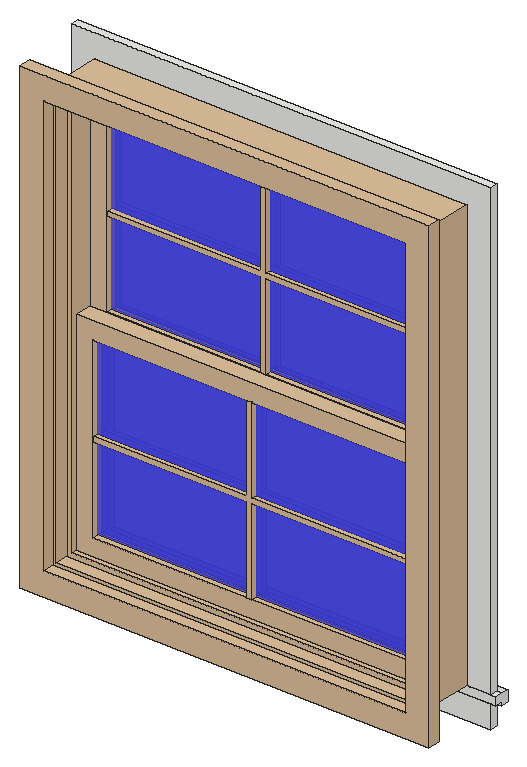
Revit family "M_Janela-única-suspensa", category Janelas, Revit 2019
Family settings
  Hospedeiro = Parede
  Número OmniClass = 23.30.20.17.17.14
  Título OmniClass = Double-Hung Windows
  Sempre na vertical = Sim
  Corte com vazios quando carregada = Não
  Compartilhado = Não
  Ponto de cálculo do ambiente = Não
Parameters (values of type "950 x 1100mm")
  Espessura da parede [instance] = 150 mm
  Janela aplicada [instance] = 0 mm
  Visual Light Transmittance = 0.81
  Visibilidade do montante superior = yes
  Resistência térmica (R) = 0.319569 (m²·K)/W
  Solar Heat Gain Coefficient = 0.76
  Largura do montante = Largura - 152.4 mm  # 797.6 mm
  Padrão do montante = M_Padrão do montante_2x2 : M_Padrão do montante_2x2
  Altura do montante = 0.5 * (Altura - 152.4 mm - 44.45 mm)  # 451.575 mm
  Fechamento da parede interior [instance] = 35.7 mm
  Material da apara interior = Madeira – Manchada
  Recorte interior = M_Moldura-janela-interior-plana : Quadro
  Largura bruta = Largura + 15 mm  # 965 mm
  Altura bruta = Altura + 15 mm  # 1115 mm
  Visibilidade do indicador [instance] = yes
  Extensão do quadro [instance] = if(Visibilidade da apara externa, Janela aplicada + 31.75 mm, 31.75 mm)  # 31.75 mm
  Classificação de incêndio = "0.5h"
  Fechamento da parede externa [instance] = 12.7 mm
  Material da apara externa = Revestimento – Branco
  Visibilidade do umbral da extensão [instance] = and(Visibilidade do recorte interior, Espessura da parede - Janela aplicada > 114.3 mm)  # yes
  Visibilidade do recorte interior [instance] = yes
  Visibilidade da apara externa [instance] = yes
  Apara externa = M_Recorte-Janela-Exterior-Plana : com peitoril
  Umbral da extensão [instance] = if(Espessura da parede - Janela aplicada > 114.3 mm, Espessura da parede - Janela aplicada - 114.3 mm, 25.4 mm)  # 35.7 mm
  ID do tipo de construção = "DG-DR"
  Coeficiente de transferência de calor (U) = 3.12929 W/(m²·K)
  Visibilidade do montante inferior = yes
  Código de montagem = "B2020100"
  Material do painel de vidro = Vidro
  Altura = 1100 mm
  Material da moldura exterior = Revestimento – Branco
  Material da moldura interior = Madeira – Manchada
  Fechamento da parede = Por hospedeiro
  Largura = 950 mm
  Construção analítica = "Vidraça dupla – residencial"
Reference planes
  plane 1 "Centro (Frente/Trás)": y = 0
  plane 2: z = 0
  plane 3 "Centro": x = 0
  plane 4 "Esquerda": x = -475
  plane 5 "Direita": x = 475
  plane 6 "Peitoril": z = 914.4
  plane 7 "Superior": z = 2014.4
  plane 8 "Face da parede": y = 75
  plane 9: y = -75
  plane 10 "Meio": z = 1464.4
  plane 11: z = 1982.65
  plane 12: z = 946.15
  plane 13: x = 443.25
  plane 14: x = -443.25
  plane 15: x = 398.8
  plane 16: x = -398.8
  plane 17: z = 990.6
  plane 18: z = 1938.2
  plane 19 "Fechamento da parede": y = -39.3
  plane 20: z = 1998.525
  plane 21 "Face do quadro": y = 94.05
  plane 22 "Caixilho 2": y = -26.6
  plane 23 "Face do caixilho 1": y = 62.3
  plane 24 "Inset Face": y = 75
  plane 25 "Caixilho 1": y = 17.85
  plane 26 "Vidro 1": y = 40.075
  plane 27: z = 1486.625
  plane 28: z = 1442.175
  plane 29 "Vidro 2": y = -4.375
  plane 30: y = -39.3
  plane 31: z = 1216.387
  plane 32: z = 1712.412
  plane 33: y = -39.3
  plane 34: y = 62.3
  plane 35: y = 94.05
Forms (mm)
  Extrusion 1, solid, material "Madeira – Manchada" <- "Material da moldura interior", visible <- "Visibilidade do umbral da extensão"
    sketch origin (0, -6.35, 0) x (-1, 0, 0) y (0, 0, 1)
      loop
        line (475, 2014.4) -> (-475, 2014.4) -> (-475, 914.4) -> (475, 914.4) -> (475, 2014.4)
      loop
        line (455.95, 1995.35) -> (-455.95, 1995.35) -> (-455.95, 933.45) -> (455.95, 933.45) -> (455.95, 1995.35)
    from -68.65 to -32.95
  Sweep 2, solid, material "Madeira – Manchada" <- "Material da moldura interior"
    path origin (0, 62.3, 0) x (-1, 0, 0) y (0, 0, 1)
      loop
        line (-475, 914.4) -> (475, 914.4) -> (475, 2014.4) -> (-475, 2014.4) -> (-475, 914.4)
    profile origin (475, 62.3, 1464.4) x (1, 0, 0) y (0, 1, 0)
      loop
        line (-31.75, 31.75) -> (-31.75, -101.6) -> (0, -101.6) -> (0, 31.75) -> (-31.75, 31.75)
  Sweep 3, solid, material "Madeira – Manchada" <- "Material da moldura interior"
    path origin (0, 62.3, 0) x (-1, 0, 0) y (0, 0, 1)
      loop
        line (-443.25, 1442.175) -> (443.25, 1442.175) -> (443.25, 1982.65) -> (-443.25, 1982.65) -> (-443.25, 1442.175)
    profile origin (443.25, 62.3, 1712.412) x (1, 0, 0) y (0, 1, 0)
      loop
        line (0, 0) -> (-44.45, 0) -> (-44.45, -44.45) -> (0, -44.45) -> (0, 0)
  Sweep 4, solid, material "Madeira – Manchada" <- "Material da moldura interior"
    path origin (0, 17.85, 0) x (-1, 0, 0) y (0, 0, 1)
      loop
        line (-443.25, 946.15) -> (443.25, 946.15) -> (443.25, 1486.625) -> (-443.25, 1486.625) -> (-443.25, 946.15)
    profile origin (443.25, 17.85, 1216.387) x (1, 0, 0) y (0, 1, 0)
      loop
        line (0, 0) -> (-44.45, 0) -> (-44.45, -44.45) -> (0, -44.45) -> (0, 0)
  Extrusion 5, solid, material "Vidro" <- "Material do painel de vidro"
    sketch origin (0, 0, 914.4) x (0, -1, 0) y (1, 0, 0)
      loop
        line (-49.6, -398.8) -> (-43.25, -398.8) -> (-43.25, 398.8) -> (-49.6, 398.8) -> (-49.6, -398.8)
      loop
        line (-36.9, 398.8) -> (-36.9, -398.8) -> (-30.55, -398.8) -> (-30.55, 398.8) -> (-36.9, 398.8)
    from 572.225 to 1023.8
  Extrusion 6, solid, material "Vidro" <- "Material do painel de vidro"
    sketch origin (0, 0, 0) x (1, 0, 0) y (0, 1, 0)
      loop
        line (-398.8, 5.15) -> (-398.8, -1.2) -> (398.8, -1.2) -> (398.8, 5.15) -> (-398.8, 5.15)
      loop
        line (398.8, -7.55) -> (-398.8, -7.55) -> (-398.8, -13.9) -> (398.8, -13.9) -> (398.8, -7.55)
    from 990.6 to 1442.175
Lines and regions (mm)
  Opening 1
    outline origin (-1524, -75, 0) x (1, 0, 0) y (0, 0, 1)
      loop
        line (1999, 2014.4) -> (1049, 2014.4) -> (1049, 914.4) -> (1999, 914.4) -> (1999, 2014.4)
  Split face 1
    outline origin (-398.8, -26.6, 990.6) x (1, 0, 0) y (0, 1, 0)
      loop
        line (0, 25.4) -> (797.6, 25.4)
  Split face 2
    outline origin (398.8, -26.6, 990.6) x (0, 0, 1) y (0, 1, 0)
      loop
        line (0, 25.4) -> (451.575, 25.4)
  Split face 3
    outline origin (-398.8, -26.6, 1442.175) x (0, 0, -1) y (0, 1, 0)
      loop
        line (451.575, 25.4) -> (0, 25.4)
  Split face 4
    outline origin (398.8, -26.6, 1442.175) x (0, 1, 0) y (-1, 0, 0)
      loop
        line (25.4, 0) -> (25.4, 797.6)
  Split face 5
    outline origin (-398.8, 17.85, 1486.625) x (1, 0, 0) y (0, 1, 0)
      loop
        line (797.6, 19.05) -> (0, 19.05)
  Split face 6
    outline origin (-398.8, 17.85, 1486.625) x (1, 0, 0) y (0, 1, 0)
      loop
        line (797.6, 25.4) -> (0, 25.4)
  Split face 7
    outline origin (398.8, 17.85, 1486.625) x (0, 0, 1) y (0, 1, 0)
      loop
        line (0, 25.4) -> (451.575, 25.4)
  Split face 8
    outline origin (-398.8, 17.85, 1938.2) x (0, 0, -1) y (0, 1, 0)
      loop
        line (451.575, 25.4) -> (0, 25.4)
  Split face 9
    outline origin (398.8, 17.85, 1938.2) x (0, 1, 0) y (-1, 0, 0)
      loop
        line (25.4, 0) -> (25.4, 797.6)
  Split face 10
    outline origin (-443.25, -39.3, 946.15) x (1, 0, 0) y (0, 1, 0)
      loop
        line (0, 57.15) -> (886.5, 57.15)
  Split face 11
    outline origin (443.25, -39.3, 946.15) x (0, 0, 1) y (0, 1, 0)
      loop
        line (1036.5, 101.6) -> (496.025, 101.6) -> (496.025, 57.15) -> (0, 57.15)
  Split face 12
    outline origin (-443.25, -39.3, 1982.65) x (0, 0, -1) y (0, 1, 0)
      loop
        line (0, 101.6) -> (540.475, 101.6) -> (540.475, 57.15) -> (1036.5, 57.15)
  Split face 13
    outline origin (443.25, -39.3, 1982.65) x (0, 1, 0) y (-1, 0, 0)
      loop
        line (101.6, 0) -> (101.6, 886.5)
Text (mm)
  text "EXTERIOR" at (-1490.695, 772.553, 0), in view "Nível de referência"
  text "INTERIOR" at (-1490.695, -719.509, 0), in view "Nível de referência"
  text "Exterior" at (0, 1108.87, 3415.022), in view "Esquerda"
  text "Exterior" at (0, 464.664, 3176.206), in view "Direita"
Dimensions and locks
  equal spacing: plane 4 "Esquerda", plane 3 "Centro", plane 5 "Direita"
  "Largura": plane 4 "Esquerda" to plane 5 "Direita"
  equal spacing: plane 6 "Peitoril", plane 10 "Meio", plane 7 "Superior"
  "Altura": plane 7 "Superior" to plane 6 "Peitoril"
  locked: plane 5 "Direita" to plane 13 at 31.75
  locked: plane 14 to plane 4 "Esquerda" at 31.75
  locked: plane 11 to plane 7 "Superior" at 31.75
  locked: plane 6 "Peitoril" to plane 12 at 31.75
  locked: plane 15 to plane 13 at 44.45
  locked: plane 14 to plane 16 at 44.45
  locked: plane 18 to plane 11 at 44.45
  locked: plane 12 to plane 17 at 44.45
  "Espessura da parede": host wall to host wall
  locked: plane 7 "Superior" to plane 20 at 15.875
  locked: plane 21 "Face do quadro" to plane 8 "Face da parede" at 19.05
  locked: plane 24 "Inset Face" to plane 23 "Face do caixilho 1" at 12.7
  "Janela aplicada": plane 8 "Face da parede" to plane 24 "Inset Face"
  locked: plane 23 "Face do caixilho 1" to plane 25 "Caixilho 1" at 44.45
  locked: plane 25 "Caixilho 1" to plane 22 "Caixilho 2" at 44.45
  equal spacing: plane 23 "Face do caixilho 1", plane 26 "Vidro 1", plane 25 "Caixilho 1"
  equal spacing: plane 28, plane 10 "Meio", plane 27
  locked: plane 28 to plane 27 at 44.45
  locked: Extrusion 5 sketch curve to Extrusion 5 sketch curve at 6.35  (x3)
  equal spacing: Extrusion 5 sketch curve, plane 26 "Vidro 1", Extrusion 5 sketch curve
  equal spacing: plane 25 "Caixilho 1", plane 29 "Vidro 2", plane 22 "Caixilho 2"
  locked: Extrusion 6 sketch curve to Extrusion 6 sketch curve at 6.35  (x3)
  equal spacing: Extrusion 6 sketch curve, plane 29 "Vidro 2", Extrusion 6 sketch curve
  locked: plane 22 "Caixilho 2" to plane 30 at 12.7
  "Umbral da extensão": plane 19 "Fechamento da parede" to host wall
  locked: Extrusion 1 sketch curve to plane 5 "Direita" at 19.05
  locked: Extrusion 1 sketch curve to plane 7 "Superior" at 19.05
  locked: plane 4 "Esquerda" to Extrusion 1 sketch curve at 19.05
  locked: plane 6 "Peitoril" to Extrusion 1 sketch curve at 19.05
  equal spacing: plane 17, plane 31, plane 28
  equal spacing: plane 18, plane 32, plane 27
  level to host wall = 7445.703 mm
  "Fechamento da parede interior": plane 33 to plane 9
  "Fechamento da parede externa": plane 8 "Face da parede" to plane 34
  "Extensão do quadro": plane 35 to plane 23 "Face do caixilho 1"
  aligned and locked: plane 9 to host wall
  aligned and locked: host wall to plane 8 "Face da parede"
  aligned and locked: Opening 1 sketch curve to plane 4 "Esquerda"
  aligned and locked: plane 7 "Superior" to Opening 1 sketch curve
  aligned and locked: plane 5 "Direita" to Opening 1 sketch curve
  aligned and locked: Opening 1 sketch curve to plane 6 "Peitoril"
  aligned and locked: plane 7 "Superior" to Extrusion 1 sketch curve
  aligned and locked: Extrusion 1 sketch curve to plane 4 "Esquerda"
  aligned and locked: plane 5 "Direita" to Extrusion 1 sketch curve
  aligned and locked: Extrusion 1 sketch curve to plane 6 "Peitoril"
  aligned and locked: plane 19 "Fechamento da parede" to Extrusion 1
  aligned and locked: Sweep 2 sketch curve to host wall  (x3)
  aligned and locked: plane 5 "Direita" to Sweep 2 sketch curve
  aligned and locked: plane 13 to Sweep 2 sketch curve
  aligned and locked: Sweep 3 sketch curve to plane 13
  aligned and locked: plane 14 to Sweep 3 sketch curve
  aligned and locked: Sweep 3 sketch curve to plane 11
  aligned and locked: Sweep 3 sketch curve to plane 25 "Caixilho 1"
  aligned and locked: plane 28 to Sweep 3 sketch curve
  aligned and locked: Sweep 4 sketch curve to plane 27
  aligned and locked: Sweep 4 sketch curve to plane 13
  aligned and locked: plane 14 to Sweep 4 sketch curve
  aligned and locked: plane 12 to Sweep 4 sketch curve
  aligned and locked: profile plane to Sweep 4 sketch curve
  aligned and locked: Sweep 4 sketch curve to profile plane
  aligned and locked: Sweep 4 sketch curve to plane 22 "Caixilho 2"
  aligned and locked: plane 15 to Sweep 4 sketch curve
  aligned and locked: plane 18 to Extrusion 5
  aligned and locked: Extrusion 6 sketch curve to plane 16
  aligned and locked: plane 16 to Extrusion 6 sketch curve
  aligned and locked: plane 15 to Extrusion 6 sketch curve
  aligned and locked: Extrusion 6 sketch curve to plane 15
  aligned and locked: plane 17 to Extrusion 6
  aligned and locked: plane 28 to Extrusion 6
  aligned and locked: Split face 1 sketch curve to Extrusion 6
  aligned and locked: Split face 2 sketch curve to Extrusion 6
  aligned and locked: Split face 3 sketch curve to Extrusion 6
  aligned and locked: Split face 4 sketch curve to Extrusion 6
  aligned and locked: plane 15 to Sweep 3 sketch curve
  aligned and locked: Extrusion 5 to plane 27
  aligned and locked: Extrusion 5 sketch curve to plane 16
  aligned and locked: plane 16 to Extrusion 5 sketch curve
  aligned and locked: plane 15 to Extrusion 5 sketch curve
  aligned and locked: Extrusion 5 sketch curve to plane 15
  aligned and locked: Split face 6 sketch curve to Extrusion 5
  aligned and locked: Split face 7 sketch curve to Extrusion 5
  aligned and locked: Split face 8 sketch curve to Extrusion 5
  aligned and locked: Split face 9 sketch curve to Extrusion 5
  aligned and locked: Split face 10 sketch curve to plane 25 "Caixilho 1"
  aligned and locked: plane 30 to Sweep 2 sketch curve
  aligned and locked: Extrusion 1 to plane 9
  aligned and locked: nested 3 to plane 8 "Face da parede"
  aligned and locked: nested 3 to plane 4 "Esquerda"
  aligned and locked: nested 3 to plane 5 "Direita"
  aligned and locked: plane 25 "Caixilho 1" to Split face 11 sketch curve
  aligned and locked: Split face 11 sketch curve to plane 28
  aligned and locked: plane 23 "Face do caixilho 1" to Split face 11 sketch curve
  aligned and locked: Split face 12 sketch curve to plane 25 "Caixilho 1"
  aligned and locked: plane 28 to Split face 12 sketch curve
  aligned and locked: Split face 12 sketch curve to plane 23 "Face do caixilho 1"
  aligned and locked: plane 23 "Face do caixilho 1" to Split face 13 sketch curve
  aligned and locked: nested 4 to plane 3 "Centro"
  aligned and locked: plane 31 to nested 4
  aligned and locked: nested 3 to plane 7 "Superior"
  aligned and locked: plane 27 to nested 1
  aligned and locked: nested 2 to plane 17
  aligned and locked: nested 1 to plane 26 "Vidro 1"
  aligned and locked: nested 2 to plane 29 "Vidro 2"
  aligned and locked: plane 28 to nested 2
  aligned and locked: plane 18 to nested 1
  aligned and locked: nested 1 to plane 15
  aligned and locked: nested 1 to plane 16
  aligned and locked: nested 2 to plane 15
  aligned and locked: nested 2 to plane 16
  aligned and locked: plane 7 "Superior" to nested 6
  aligned and locked: plane 3 "Centro" to nested 6
  aligned and locked: plane 7 "Superior" to nested 5
  aligned and locked: nested 5 to plane 3 "Centro"
  aligned and locked: Sweep 2 sketch curve to plane 35
Automatic sketch dimensions
  Split face 1 sketch curve to Sweep 4 = 0 mm  (x2)
  Split face 2 sketch curve to Sweep 4 = 0 mm
  Sweep 4 to Split face 2 sketch curve = 0 mm
  Sweep 4 to Split face 3 sketch curve = 0 mm
  Split face 3 sketch curve to Sweep 4 = 0 mm
  Split face 4 sketch curve to Sweep 4 = 0 mm  (x2)
  Sweep 3 sketch curve to profile plane = 0 mm
  Sweep 3 sketch curve to plane 23 "Face do caixilho 1" = 0 mm
  Split face 5 sketch curve to Sweep 3 = 0 mm  (x2)
  Split face 5 sketch curve to Sweep 3 = 19.05 mm
  Split face 6 sketch curve to Sweep 3 = 0 mm  (x2)
  Split face 7 sketch curve to Sweep 3 = 0 mm
  Sweep 3 to Split face 7 sketch curve = 0 mm
  Sweep 3 to Split face 8 sketch curve = 0 mm
  Split face 8 sketch curve to Sweep 3 = 0 mm
  Split face 9 sketch curve to Sweep 3 = 0 mm  (x2)
  Split face 10 sketch curve to Sweep 2 = 0 mm  (x2)
  Split face 11 sketch curve to Sweep 2 = 0 mm
  Sweep 2 to Split face 11 sketch curve = 0 mm
  Sweep 2 to Split face 12 sketch curve = 0 mm
  Split face 12 sketch curve to Sweep 2 = 0 mm
  Split face 13 sketch curve to Sweep 2 = 0 mm  (x2)
  Sweep 2 sketch curve to plane 7 "Superior" = 0 mm
Nested families
  nested 1: "M_Padrão do montante_2x2" at (0, 40.075, 1486.625), Material externo <- "Material da moldura exterior", Material interior <- "Material da moldura interior", type <- "Padrão do montante", visible <- "Visibilidade do montante superior", type "M_Padrão do montante_2x2"
    with Largura 797.6 mm, Material interior Madeira – Manchada, Altura 451.575 mm, Material externo Revestimento – Branco
  nested 2: "M_Padrão do montante_2x2" at (0, -4.375, 990.6), Material externo <- "Material da moldura exterior", Material interior <- "Material da moldura interior", type <- "Padrão do montante", visible <- "Visibilidade do montante inferior", type "M_Padrão do montante_2x2"
    with Largura 797.6 mm, Material interior Madeira – Manchada, Altura 451.575 mm, Material externo Revestimento – Branco
  nested 3: "M_Plano-único-suspenso" at (0, 75, 914.4), Janela aplicada <- "Janela aplicada", Largura <- "Largura", Altura <- "Altura", Espessura da parede <- "Espessura da parede", type "M_Plano-único-suspenso"
    with Janela aplicada de 3D 12.7 mm, Janela aplicada 0 mm, Largura 950 mm, Espessura da parede 150 mm, Altura 1100 mm
  nested 4: "M_Seta preenchida" at (0, 17.85, 1216.387) x (0, 0, 1) z (0, 1, 0), visible <- "Visibilidade do indicador", type "M_Seta preenchida"
  nested 5: "M_Recorte-Janela-Exterior-Plana" at (0, 75, 2014.4) x (-1, 0, 0) z (0, 1, 0), visible <- "Visibilidade da apara externa", Material da apara <- "Material da apara externa", Largura da abertura <- "Largura", Altura da abertura <- "Altura", type <- "Apara externa", type "com peitoril"
    with Material da apara Revestimento – Branco, Largura da abertura 950 mm, Altura da abertura 1100 mm
  nested 6: "M_Moldura-janela-interior-plana" at (0, -75, 2014.4) x (1, 0, 0) z (0, -1, 0), Material da apara <- "Material da apara interior", visible <- "Visibilidade do recorte interior", Largura da abertura <- "Largura", Altura da abertura <- "Altura", type <- "Recorte interior", type "Quadro"
    with Material da apara Madeira – Manchada, Largura da abertura 950 mm, Altura da abertura 1100 mm
Definition of nested family "M_Padrão do montante_2x2"
  Parameters (values of type "M_Padrão do montante_2x2")
    Largura [instance] = 1200 mm
    Espessura = 12.7 mm
    Altura [instance] = 1200 mm
    Material interior [instance] = none
    Material externo [instance] = none
    Distância = 19.05 mm
  Reference planes
    plane 1 "Centro (Frente/Trás)": y = 0
    plane 2: z = 0
    plane 3 "Centro (Esquerda/Direita)": x = 0
    plane 4: z = 1200
    plane 5: x = -600
    plane 6: x = 600
    plane 7: z = 600
    plane 8: y = 9.525
    plane 9: y = 22.225
    plane 10: y = -9.525
    plane 11: y = -22.225
  Forms (mm)
    Extrusion 1, solid, material <- "Material interior", detail levels fine
      sketch origin (0, 0, 0) x (1, 0, 0) y (0, 0, 1)
        loop
          line (-600, 606.35) -> (-600, 593.65) -> (-6.35, 593.65) -> (-6.35, 0) -> (6.35, 0) -> (6.35, 593.65) -> (600, 593.65) -> (600, 606.35) -> (6.35, 606.35) -> (6.35, 1200) -> (-6.35, 1200) -> (-6.35, 606.35) -> (-600, 606.35)
      from 9.525 to 22.225
    Extrusion 2, solid, material <- "Material externo", detail levels fine
      sketch origin (0, 0, 0) x (1, 0, 0) y (0, 0, -1)
        loop
          line (-600, -606.35) -> (-6.35, -606.35) -> (-6.35, -1200) -> (6.35, -1200) -> (6.35, -606.35) -> (600, -606.35) -> (600, -593.65) -> (6.35, -593.65) -> (6.35, 0) -> (-6.35, 0) -> (-6.35, -593.65) -> (-600, -593.65) -> (-600, -606.35)
      from 9.525 to 22.225
  Lines and regions (mm)
    model lines, detail levels medium
      curve 1: line (0, 9.525, 1200) -> (0, 9.525, 0)
      curve 2: line (-600, -9.525, 600) -> (600, -9.525, 600)
      curve 3: line (-600, 9.525, 600) -> (600, 9.525, 600)
      curve 4: line (0, -9.525, 1200) -> (0, -9.525, 0)
  Dimensions and locks
    equal spacing: plane 6, plane 3 "Centro (Esquerda/Direita)", plane 5
    "Largura": plane 6 to plane 5
    "Altura": plane 4 to plane 2
    equal spacing: plane 4, plane 7, plane 2
    locked: plane 3 "Centro (Esquerda/Direita)" to Extrusion 1 sketch curve at 6.35  (x4)
    locked: Extrusion 1 sketch curve to plane 7 at 6.35  (x2)
    locked: plane 7 to Extrusion 1 sketch curve at 6.35  (x2)
    "Espessura": plane 9 to plane 8
    "Espessura": plane 10 to plane 11
    "Distância": plane 8 to plane 10
    equal spacing: plane 8, plane 1 "Centro (Frente/Trás)", plane 10
    aligned and locked: plane 2 to level
    aligned and locked: plane 4 to curve 1
    aligned and locked: plane 5 to curve 2
    aligned and locked: plane 2 to curve 1
    aligned and locked: plane 6 to curve 2
    aligned and locked: Extrusion 1 sketch curve to plane 4
    aligned and locked: Extrusion 1 sketch curve to plane 6
    aligned and locked: Extrusion 1 sketch curve to plane 5
    aligned and locked: Extrusion 1 sketch curve to level
    aligned and locked: Extrusion 1 to plane 11
    aligned and locked: plane 10 to Extrusion 1
    aligned and locked: Extrusion 2 to plane 5
    aligned and locked: plane 6 to Extrusion 2
    aligned and locked: Extrusion 2 to plane 8
    aligned and locked: plane 9 to Extrusion 2
    aligned and locked: Extrusion 2 to plane 2
    aligned and locked: plane 4 to Extrusion 2
    aligned and locked: plane 5 to curve 3
    aligned and locked: plane 6 to curve 3
    aligned and locked: plane 4 to curve 4
    aligned and locked: plane 2 to curve 4
    aligned and locked: plane 8 to curve 3
  Automatic sketch dimensions
    curve 2 to plane 7 = 0 mm
    Extrusion 2 sketch curve to plane 5 = 0 mm
    Extrusion 2 sketch curve to level = 0 mm
    Extrusion 2 sketch curve to plane 4 = 0 mm
    Extrusion 2 sketch curve to plane 6 = 0 mm
    Extrusion 2 sketch curve to plane 3 "Centro (Esquerda/Direita)" = 6.35 mm  (x2)
    plane 3 "Centro (Esquerda/Direita)" to Extrusion 2 sketch curve = 6.35 mm  (x2)
    plane 7 to Extrusion 2 sketch curve = 6.35 mm  (x2)
    Extrusion 2 sketch curve to plane 7 = 6.35 mm  (x2)
    curve 4 to plane 3 "Centro (Esquerda/Direita)" = 0 mm
    curve 4 to level = 0 mm
    curve 4 to plane 4 = 0 mm
    curve 3 to plane 6 = 0 mm
    curve 1 to plane 3 "Centro (Esquerda/Direita)" = 0 mm
    curve 3 to plane 5 = 0 mm
    curve 3 to plane 7 = 0 mm
Definition of nested family "M_Recorte-Janela-Exterior-Plana"
  Parameters (values of type "com peitoril")
    Largura da apara = 60 mm
    Espessura da apara_Quadro = 30 mm
    Espessura da apara_com peitoril = 19.05 mm
    Material da apara [instance] = none
    Espessura do peitoril = 30 mm
    Peitoril = yes
    Quadro = no
    Largura da abertura [instance] = 600 mm
    Altura da abertura [instance] = 900 mm
    Default Elevation = 1200 mm
  Types (2, lengths in mm): name | Peitoril | Quadro
    com peitoril | yes | no
    Quadro | no | yes
  Reference planes
    plane 1 "Centro (Frente/Trás)": y = 0
    plane 2: z = 0
    plane 3 "Centro (Esquerda/Direita)": x = 0
    plane 4: y = 60
    plane 5 "Esquerda": x = -300
    plane 6 "Direita": x = 300
    plane 7 "Inferior": y = -900
    plane 8: y = -930
    plane 9: y = -980.432
    plane 10: x = 360
    plane 11: x = -360
    plane 12: z = 19.05
    plane 13: z = 30
    plane 14: x = 372.7
    plane 15: x = -372.7
    plane 16: y = -920.432
    plane 17: y = -960
    plane 18: z = 12.7
    plane 19: y = -450
    plane 20: z = 38.1
  Forms (mm)
    Extrusion 1, solid
      sketch origin (0, 0, 0) x (1, 0, 0) y (0, 1, 0)
        loop
          line (-361.95, 57.15) -> (-361.95, -993.732) -> (361.95, -993.732) -> (361.95, 57.15) -> (-361.95, 57.15)
      from 0 to -304.8
    Extrusion 2, solid, material <- "Material da apara", visible <- "Peitoril"
      sketch origin (0, 0, 0) x (1, 0, 0) y (0, 1, 0)
        loop
          line (-360, -900) -> (-300, -900) -> (-300, 0) -> (300, 0) -> (300, -900) -> (360, -900) -> (360, 60) -> (-360, 60) -> (-360, -900)
      from 0 to 19.05
    Extrusion 3, solid, material <- "Material da apara", visible <- "Peitoril"
      sketch origin (0, 0, 0) x (0, 1, 0) y (0, 0, 1)
        loop
          line (-902.458, 38.1) -> (-930, 38.1) -> (-930, 19.05) -> (-920.432, 19.05) -> (-920.432, 0) -> (-900, 0) -> (-900, 19.05) -> (-902.458, 38.1)
      from -372.7 to 372.7
    Extrusion 4, solid, material <- "Material da apara", visible <- "Peitoril"
      sketch origin (0, 0, 0) x (1, 0, 0) y (0, 1, 0)
        loop
          line (-360, -920.432) -> (-360, -980.432) -> (360, -980.432) -> (360, -920.432) -> (-360, -920.432)
      from 0 to 19.05
    Extrusion 5, solid, material <- "Material da apara", visible <- "Quadro"
      sketch origin (0, 0, 0) x (1, 0, 0) y (0, 1, 0)
        loop
          line (-300, 0) -> (-300, -900) -> (300, -900) -> (300, 0) -> (-300, 0)
        loop
          line (-360, 60) -> (-360, -960) -> (360, -960) -> (360, 60) -> (-360, 60)
      from 0 to 30
  Dimensions and locks
    equal spacing: plane 5 "Esquerda", plane 3 "Centro (Esquerda/Direita)", plane 6 "Direita"
    "Largura da abertura": plane 5 "Esquerda" to plane 6 "Direita"
    "Altura da abertura": plane 7 "Inferior" to plane 1 "Centro (Frente/Trás)"
    "Espessura do peitoril": plane 7 "Inferior" to plane 8
    "Largura da apara": plane 11 to plane 5 "Esquerda"
    "Largura da apara": plane 6 "Direita" to plane 10
    "Largura da apara": plane 1 "Centro (Frente/Trás)" to plane 4
    locked: plane 15 to plane 11 at 12.7
    locked: plane 10 to plane 14 at 12.7
    locked: plane 16 to plane 8 at 9.568
    "Largura da apara": plane 9 to plane 16
    "Largura da apara": plane 17 to plane 7 "Inferior"
    locked: plane 18 to plane 2 at 12.7
    equal spacing: plane 7 "Inferior", plane 19, plane 1 "Centro (Frente/Trás)"
    locked: plane 20 to plane 12 at 19.05
    "Espessura da apara_com peitoril": plane 12 to plane 2
    "Espessura da apara_Quadro": plane 13 to plane 2
    aligned and locked: plane 2 to Extrusion 1
    aligned and locked: level to Extrusion 1
    aligned and locked: Extrusion 2 sketch curve to plane 5 "Esquerda"
    aligned and locked: Extrusion 2 sketch curve to plane 11
    aligned and locked: plane 7 "Inferior" to Extrusion 2 sketch curve  (x2)
    aligned and locked: plane 1 "Centro (Frente/Trás)" to Extrusion 2 sketch curve
    aligned and locked: plane 10 to Extrusion 2 sketch curve
    aligned and locked: Extrusion 2 sketch curve to plane 6 "Direita"
    aligned and locked: plane 12 to Extrusion 2
    aligned and locked: Extrusion 3 sketch curve to level
    aligned and locked: plane 7 "Inferior" to Extrusion 3 sketch curve
    aligned and locked: Extrusion 3 sketch curve to plane 8
    aligned and locked: plane 15 to Extrusion 3
    aligned and locked: Extrusion 3 to plane 14
    aligned and locked: plane 10 to Extrusion 4 sketch curve
    aligned and locked: Extrusion 4 sketch curve to plane 11
    aligned and locked: plane 16 to Extrusion 4 sketch curve
    aligned and locked: plane 9 to Extrusion 4 sketch curve
    aligned and locked: Extrusion 4 to Extrusion 2
    aligned and locked: Extrusion 2 sketch curve to plane 4
    aligned and locked: plane 1 "Centro (Frente/Trás)" to Extrusion 5 sketch curve
    aligned and locked: Extrusion 5 sketch curve to plane 4
    aligned and locked: Extrusion 5 sketch curve to plane 17
    aligned and locked: plane 7 "Inferior" to Extrusion 5 sketch curve
    aligned and locked: Extrusion 5 sketch curve to plane 6 "Direita"
    aligned and locked: plane 10 to Extrusion 5 sketch curve
    aligned and locked: Extrusion 5 sketch curve to plane 5 "Esquerda"
    aligned and locked: Extrusion 5 sketch curve to plane 11
    aligned and locked: plane 13 to Extrusion 5
    aligned and locked: plane 20 to Extrusion 3
  Automatic sketch dimensions
    Extrusion 1 sketch curve to Extrusion 1 sketch curve = 723.9 mm
    Extrusion 1 sketch curve to Extrusion 1 sketch curve = 1050.882 mm
    Extrusion 3 sketch curve to plane 16 = 0 mm
    Extrusion 3 sketch curve to plane 12 = 0 mm  (x2)
    Extrusion 3 sketch curve to plane 7 "Inferior" = 2.458 mm
    plane 13 to Extrusion 3 sketch curve = 8.1 mm
Definition of nested family "M_Moldura-janela-interior-plana"
  Parameters (values of type "com peitoril")
    Espessura da apara_Quadro = 30 mm
    Largura da apara = 60 mm
    Espessura da apara_com peitoril = 20 mm
    Material da apara [instance] = none
    Espessura do peitoril = 30 mm
    Peitoril = yes
    Quadro = no
    Largura da abertura [instance] = 600 mm
    Altura da abertura [instance] = 900 mm
    Default Elevation = 1200 mm
  Types (2, lengths in mm): name | Peitoril | Quadro
    com peitoril | yes | no
    Quadro | no | yes
  Reference planes
    plane 1 "Centro (Frente/Trás)": y = 0
    plane 2: z = 0
    plane 3 "Centro (Esquerda/Direita)": x = 0
    plane 4: y = 47.3
    plane 5 "Esquerda": x = -300
    plane 6 "Direita": x = 300
    plane 7 "Inferior": y = -900
    plane 8: y = -930
    plane 9: y = -980.432
    plane 10: x = 347.3
    plane 11: x = -347.3
    plane 12: z = 20
    plane 13: z = 30
    plane 14: x = 360
    plane 15: x = -360
    plane 16: y = -920.432
    plane 17: y = -947.3
    plane 18: z = 12.7
    plane 19: x = -287.3
    plane 20: y = -12.7
    plane 21: x = 287.3
    plane 22: y = -887.3
    plane 23: x = -334.6
    plane 24: x = 334.6
    plane 25: y = -450
  Forms (mm)
    Extrusion 1, solid
      sketch origin (0, 0, 0) x (1, 0, 0) y (0, 1, 0)
        loop
          line (-349.25, 44.45) -> (-349.25, -958.85) -> (349.25, -958.85) -> (349.25, 44.45) -> (-349.25, 44.45)
      from 0 to -304.8
    Extrusion 2, solid, material <- "Material da apara", visible <- "Peitoril"
      sketch origin (0, 0, 0) x (1, 0, 0) y (0, 1, 0)
        loop
          line (-334.6, -900) -> (-287.3, -900) -> (-287.3, 0) -> (287.3, 0) -> (287.3, -900) -> (334.6, -900) -> (334.6, 47.3) -> (-334.6, 47.3) -> (-334.6, -900)
      from 0 to 20
    Extrusion 3, solid, material <- "Material da apara", visible <- "Peitoril"
      sketch origin (0, 0, 0) x (0, 1, 0) y (0, 0, 1)
        loop
          line (-912.7, 39.05) -> (-920.432, 39.05) -> (-920.432, 0) -> (-900, 0) -> (-900, 26.35)
          arc (-900, 26.35) -> (-903.72, 35.33) -> (-912.7, 39.05) r 12.7
      from -347.3 to 347.3
    Extrusion 4, solid, material <- "Material da apara", visible <- "Peitoril"
      sketch origin (0, 0, 0) x (1, 0, 0) y (0, 1, 0)
        loop
          line (-334.6, -920.432) -> (-334.6, -980.432) -> (334.6, -980.432) -> (334.6, -920.432) -> (-334.6, -920.432)
      from 0 to 20
    Extrusion 5, solid, material <- "Material da apara", visible <- "Quadro"
      sketch origin (0, 0, 0) x (1, 0, 0) y (0, 1, 0)
        loop
          line (-287.3, -12.7) -> (-287.3, -887.3) -> (287.3, -887.3) -> (287.3, -12.7) -> (-287.3, -12.7)
        loop
          line (-347.3, 47.3) -> (-347.3, -947.3) -> (347.3, -947.3) -> (347.3, 47.3) -> (-347.3, 47.3)
      from 0 to 30
  Dimensions and locks
    equal spacing: plane 5 "Esquerda", plane 3 "Centro (Esquerda/Direita)", plane 6 "Direita"
    "Largura da abertura": plane 5 "Esquerda" to plane 6 "Direita"
    "Altura da abertura": plane 7 "Inferior" to plane 1 "Centro (Frente/Trás)"
    "Espessura do peitoril": plane 7 "Inferior" to plane 8
    "Largura da apara": plane 11 to plane 19
    "Largura da apara": plane 21 to plane 10
    "Largura da apara": plane 20 to plane 4
    "Espessura da apara_com peitoril": plane 12 to plane 2
    locked: plane 15 to plane 11 at 12.7
    locked: plane 10 to plane 14 at 12.7
    locked: plane 16 to plane 8 at 9.568
    "Largura da apara": plane 9 to plane 16
    "Largura da apara": plane 17 to plane 22
    plane 20 to plane 1 "Centro (Frente/Trás)" = 12.7 mm
    plane 5 "Esquerda" to plane 19 = 12.7 mm
    plane 21 to plane 6 "Direita" = 12.7 mm
    plane 22 to plane 7 "Inferior" = 12.7 mm
    locked: plane 11 to plane 23 at 12.7
    locked: plane 24 to plane 10 at 12.7
    equal spacing: plane 7 "Inferior", plane 25, plane 1 "Centro (Frente/Trás)"
    "Espessura da apara_Quadro": plane 13 to plane 2
    locked: Extrusion 3 to plane 12 at 19.05
    locked: plane 12 to Extrusion 3 sketch curve at 19.05
    radius of Extrusion 3 sketch curve = 12.7 mm
    aligned and locked: plane 2 to Extrusion 1
    aligned and locked: level to Extrusion 1
    aligned and locked: plane 7 "Inferior" to Extrusion 2 sketch curve  (x2)
    aligned and locked: plane 1 "Centro (Frente/Trás)" to Extrusion 2 sketch curve
    aligned and locked: plane 12 to Extrusion 2
    aligned and locked: Extrusion 3 sketch curve to level
    aligned and locked: plane 7 "Inferior" to Extrusion 3 sketch curve
    aligned and locked: plane 16 to Extrusion 4 sketch curve
    aligned and locked: plane 9 to Extrusion 4 sketch curve
    aligned and locked: Extrusion 2 sketch curve to plane 4
    aligned and locked: Extrusion 5 sketch curve to plane 4
    aligned and locked: Extrusion 5 sketch curve to plane 17
    aligned and locked: plane 10 to Extrusion 5 sketch curve
    aligned and locked: Extrusion 5 sketch curve to plane 11
    aligned and locked: plane 13 to Extrusion 5
    aligned and locked: Extrusion 5 sketch curve to plane 20
    aligned and locked: Extrusion 5 sketch curve to plane 19
    aligned and locked: Extrusion 5 sketch curve to plane 21
    aligned and locked: plane 22 to Extrusion 5 sketch curve
    aligned and locked: Extrusion 4 to plane 24
    aligned and locked: plane 11 to Extrusion 3
    aligned and locked: Extrusion 3 to plane 10
    aligned and locked: Extrusion 2 sketch curve to plane 21
    aligned and locked: Extrusion 2 sketch curve to plane 24
    aligned and locked: Extrusion 2 sketch curve to plane 19
    aligned and locked: Extrusion 2 sketch curve to plane 23
    aligned and locked: plane 12 to Extrusion 4
  Automatic sketch dimensions
    Extrusion 1 sketch curve to Extrusion 1 sketch curve = 698.5 mm
    Extrusion 1 sketch curve to Extrusion 1 sketch curve = 1003.3 mm
    Extrusion 3 sketch curve to plane 16 = 0 mm
    Extrusion 4 sketch curve to plane 11 = 12.7 mm
    Extrusion 4 sketch curve to plane 24 = 0 mm
Definition of nested family "M_Plano-único-suspenso"
  Parameters (values of type "M_Plano-único-suspenso")
    Janela aplicada [instance] = 0 mm
    Janela aplicada de 3D [instance] = if(Janela aplicada = 0 mm, 12.7 mm, if(Janela aplicada < Espessura da parede - 88.9 mm, Janela aplicada + 12.7 mm, Espessura da parede - 88.9 mm))  # 12.7 mm
    Width [instance] = 1200 mm
    Espessura da parede [instance] = 150 mm
    Height [instance] = 900 mm
    Default Elevation = 1200 mm
    Analytic Construction = "<Nenhum>"
  Reference planes
    plane 1 "Centro (Frente/Trás)": y = 0
    plane 2: z = 0
    plane 3 "Centro (Esquerda/Direita)": x = 0
    plane 4: x = -600
    plane 5: x = 600
    plane 6 "Umbral": y = -101.6
    plane 7: x = -568.25
    plane 8: y = -12.7
    plane 9: y = -57.15
    plane 10: y = -34.925
    plane 11: x = -523.8
    plane 12: x = 568.25
    plane 13: x = 523.8
    plane 14 "Janela aplicada": y = -25.4
    plane 15 "Parede": y = -150
    plane 16: z = 900
    plane 17: z = 868.25
    plane 18: z = 31.75
    plane 19: z = 823.8
    plane 20: z = 76.2
    plane 21: z = 450
    plane 22: z = 427.775
    plane 23: z = 472.225
    plane 24: y = -79.375
  Lines and regions (mm)
    Masking region 1
      outline origin (0, 19.05, 0) x (1, 0, 0) y (0, 1, 0)
        loop
          line (-600, -169.05) -> (600, -169.05) -> (600, -19.05) -> (-600, -19.05) -> (-600, -169.05)
    Masking region 2
      outline origin (0, 0, 0) x (0, 1, 0) y (0, 0, 1)
        loop
          line (-150, 900) -> (-150, 0) -> (0, 0) -> (0, 900) -> (-150, 900)
    symbolic lines
      curve 1: line (-568.25, -57.15, 0) -> (-523.8, -57.15, 0)
      curve 2: line (-568.25, -12.7, 0) -> (-568.25, -101.6, 0)
      curve 3: line (-600, -12.7, 0) -> (-523.8, -12.7, 0)
      curve 4: line (-523.8, -12.7, 0) -> (-523.8, -57.15, 0)
      curve 5: line (-523.8, -34.925, 0) -> (523.8, -34.925, 0)
      curve 6: line (568.25, -57.15, 0) -> (523.8, -57.15, 0)
      curve 7: line (568.25, -12.7, 0) -> (568.25, -101.6, 0)
      curve 8: line (523.8, -12.7, 0) -> (523.8, -57.15, 0)
      curve 9: line (-600, -101.6, 0) -> (-568.25, -101.6, 0)
      curve 10: line (568.25, -101.6, 0) -> (600, -101.6, 0)
      curve 11: line (0, -12.7, 868.25) -> (0, -101.6, 868.25)
      curve 12: line (0, -101.6, 0) -> (0, -101.6, 76.2)
      curve 13: line (0, -12.7, 31.75) -> (0, -101.6, 31.75)
      curve 14: line (0, -12.7, 900) -> (0, -12.7, 823.8)
      curve 15: line (0, -12.7, 823.8) -> (0, -57.15, 823.8)
      curve 16: line (0, -101.6, 76.2) -> (0, -57.15, 76.2)
      curve 17: line (0, -34.925, 472.225) -> (0, -34.925, 823.8)
      curve 18: line (0, -57.15, 868.25) -> (0, -57.15, 823.8)
      curve 19: line (523.8, -12.7, 0) -> (600, -12.7, 0)
      curve 20: line (0, -101.6, 868.25) -> (0, -101.6, 900)
      curve 21: line (0, -12.7, 31.75) -> (0, -12.7, 0)
      curve 22: line (0, -57.15, 76.2) -> (0, -57.15, 31.75)
      curve 23: line (0, -101.6, 472.225) -> (0, -12.7, 472.225)
      curve 24: line (0, -101.6, 427.775) -> (0, -101.6, 472.225)
      curve 25: line (0, -12.7, 427.775) -> (0, -101.6, 427.775)
      curve 26: line (0, -12.7, 472.225) -> (0, -12.7, 427.775)
      curve 27: line (0, -57.15, 472.225) -> (0, -57.15, 427.775)
      curve 28: line (0, -79.375, 427.775) -> (0, -79.375, 76.2)
      curve 29: line (-523.8, -12.7, 0) -> (523.8, -12.7, 0)
      curve 30: line (568.25, -101.6, 0) -> (-568.25, -101.6, 0)
      curve 31: line (0, -12.7, 823.8) -> (0, -12.7, 472.225)
      curve 32: line (0, -12.7, 427.775) -> (0, -12.7, 31.75)
      curve 33: line (0, -101.6, 76.2) -> (0, -101.6, 427.775)
      curve 34: line (0, -101.6, 868.25) -> (0, -101.6, 472.225)
  Dimensions and locks
    "Width": plane 4 to plane 5
    equal spacing: plane 4, plane 3 "Centro (Esquerda/Direita)", plane 5
    locked: plane 4 to plane 7 at 31.75
    equal spacing: plane 8, plane 10, plane 9
    locked: plane 5 to plane 12 at 31.75
    locked: plane 8 to plane 14 "Janela aplicada" at 12.7
    locked: plane 8 to plane 9 at 44.45
    "Espessura da parede": plane 15 "Parede" to plane 1 "Centro (Frente/Trás)"
    "Height": plane 16 to plane 2
    locked: plane 16 to plane 17 at 31.75
    locked: plane 18 to plane 2 at 31.75
    locked: plane 9 to plane 6 "Umbral" at 44.45
    "Janela aplicada de 3D": plane 8 to plane 1 "Centro (Frente/Trás)"
    locked: plane 7 to plane 11 at 44.45
    locked: plane 13 to plane 12 at 44.45
    locked: plane 17 to plane 19 at 44.45
    locked: plane 20 to plane 18 at 44.45
    equal spacing: plane 19, plane 21, plane 20
    equal spacing: plane 23, plane 21, plane 22
    locked: plane 23 to plane 22 at 44.45
    equal spacing: plane 6 "Umbral", plane 24, plane 9
    aligned and locked: plane 2 to level
    aligned and locked: curve 1 to plane 9
    aligned and locked: plane 4 to Masking region 1 sketch curve
    aligned and locked: Masking region 1 sketch curve to plane 5
    aligned and locked: Masking region 1 sketch curve to plane 15 "Parede"
    aligned and locked: curve 9 to plane 6 "Umbral"
    aligned and locked: curve 10 to plane 6 "Umbral"
    aligned and locked: plane 1 "Centro (Frente/Trás)" to Masking region 1 sketch curve
    aligned and locked: Masking region 2 sketch curve to plane 16
    aligned and locked: plane 15 "Parede" to Masking region 2 sketch curve
    aligned and locked: level to Masking region 2 sketch curve
    aligned and locked: plane 6 "Umbral" to curve 12
    aligned and locked: plane 17 to curve 11
    aligned and locked: plane 18 to curve 13
    aligned and locked: curve 14 to plane 8
    aligned and locked: plane 19 to curve 15
    aligned and locked: curve 16 to plane 20
    aligned and locked: plane 10 to curve 17
    aligned and locked: plane 4 to curve 3
    aligned and locked: plane 5 to curve 19
    aligned and locked: plane 16 to curve 14
    aligned and locked: plane 8 to curve 11
    aligned and locked: plane 8 to curve 13
    aligned and locked: plane 2 to curve 21
    aligned and locked: plane 8 to curve 2
    aligned and locked: plane 8 to curve 7
    aligned and locked: curve 18 to plane 9
    aligned and locked: plane 17 to curve 18
    aligned and locked: plane 19 to curve 18
    aligned and locked: plane 2 to curve 12
    aligned and locked: curve 19 to plane 8
    aligned and locked: curve 3 to plane 8
    aligned and locked: curve 4 to plane 11
    aligned and locked: plane 13 to curve 8
    aligned and locked: curve 5 to plane 10
    aligned and locked: plane 9 to curve 6
    aligned and locked: plane 6 "Umbral" to curve 20
    aligned and locked: curve 22 to plane 9
    aligned and locked: curve 23 to plane 23
    aligned and locked: plane 6 "Umbral" to curve 24
    aligned and locked: plane 22 to curve 25
    aligned and locked: curve 26 to plane 8
    aligned and locked: curve 27 to plane 9
    aligned and locked: plane 23 to curve 17
    aligned and locked: curve 28 to plane 24
  Automatic sketch dimensions
    Masking region 2 sketch curve to plane 1 "Centro (Frente/Trás)" = 0 mm
    curve 9 to plane 4 = 0 mm
    curve 30 to plane 7 = 0 mm
    curve 6 to plane 12 = 0 mm
    curve 10 to plane 5 = 0 mm
    curve 21 to plane 18 = 0 mm
    curve 20 to plane 16 = 0 mm
Definition of nested family "M_Seta preenchida"
  Parameters (values of type "M_Seta preenchida")
    D3 = 0 mm
    D2 = D1 / 6  # 33.333 mm
    D1 = 200 mm
  Reference planes
    plane 1 "Centro (Frente/Trás)": y = 0
    plane 2: z = 0
    plane 3 "Centro (Esquerda/Direita)": x = 0
    plane 4: y = 16.667
    plane 5: y = -16.667
    plane 6: x = -100
    plane 7: x = 100
    plane 8: through (203.336, -72.356, 1219.2) normal (-0.5736, -0.8192, 0)
    plane 9: through (203.336, 72.356, 1219.2) normal (0.5736, -0.8192, 0)
    plane 10: x = 33.333
  Lines and regions (mm)
    Filled region 1, type "Bloco de concreto", in view "Nível de referência"
      outline origin (0, 0, 0) x (1, 0, 0) y (0, 1, 0)
        loop
          line (-100, 16.667) -> (-100, -16.667) -> (33.333, -16.667) -> (33.333, -46.681) -> (100, 0) -> (33.333, 46.681) -> (33.333, 16.667) -> (-100, 16.667)
    detail lines, in view "Nível de referência"
      curve 1: line (-100, 16.667, 0) -> (33.333, 16.667, 0)
      curve 2: line (-100, 16.667, 0) -> (-100, -16.667, 0)
      curve 3: line (-100, -16.667, 0) -> (33.333, -16.667, 0)
      curve 4: line (100, 0, 0) -> (33.333, -46.681, 0)
      curve 5: line (100, 0, 0) -> (33.333, 46.681, 0)
      curve 6: line (33.333, -16.667, 0) -> (33.333, -46.681, 0)
      curve 7: line (33.333, 46.681, 0) -> (33.333, 16.667, 0)
  Dimensions and locks
    equal spacing: plane 6, plane 3 "Centro (Esquerda/Direita)", plane 7
    "D1": plane 6 to plane 7
    equal spacing: plane 4, plane 1 "Centro (Frente/Trás)", plane 5
    "D2": plane 4 to plane 5
    "D2": plane 3 "Centro (Esquerda/Direita)" to plane 10
    locked: plane 8 to plane 1 "Centro (Frente/Trás)" (angle 35.00°)
    locked: plane 1 "Centro (Frente/Trás)" to plane 9 (angle 35.00°)
    aligned and locked: curve 1 to plane 4
    aligned and locked: curve 2 to plane 6
    aligned and locked: curve 3 to plane 5
    aligned and locked: curve 4 to plane 9
    aligned and locked: curve 5 to plane 8
    aligned and locked: curve 6 to plane 10
    aligned and locked: curve 7 to plane 10
    aligned and locked: Filled region 1 sketch curve to curve 1
    aligned and locked: Filled region 1 sketch curve to curve 2
    aligned and locked: Filled region 1 sketch curve to curve 3
    aligned and locked: Filled region 1 sketch curve to curve 6
    aligned and locked: Filled region 1 sketch curve to curve 4
    aligned and locked: Filled region 1 sketch curve to curve 5
    aligned and locked: Filled region 1 sketch curve to curve 7
Types in the file's own list only (55): name | Transmissão de luz visual | Visibilidade do montante superior | Resistência térmica (R) | Coeficiente de ganho de calor solar | Largura do montante | Padrão do montante | Altura do montante | Largura bruta | Altura bruta | Coeficiente de transferência de calor (U) | Visibilidade do montante inferior | Altura | Largura
  450 x 800mm | 0.81 | Sim | 0.3196 (m²·K)/W | 0.76 | 298 mm | M_Padrão do montante_2x2 | 302 mm | 465 mm | 815 mm | 3.1293 W/(m²·K) | Sim | 800 mm | 450 mm
  450 x 900mm | 0.81 | Sim | 0.3196 (m²·K)/W | 0.76 | 298 mm | M_Padrão do montante_2x2 | 352 mm | 465 mm | 915 mm | 3.1293 W/(m²·K) | Sim | 900 mm | 450 mm
  450 x 1100mm | 0.81 | Sim | 0.3196 (m²·K)/W | 0.76 | 298 mm | M_Padrão do montante_2x2 | 452 mm | 465 mm | 1115 mm | 3.1293 W/(m²·K) | Sim | 1100 mm | 450 mm
  450 x 1150mm | 0.81 | Sim | 0.3196 (m²·K)/W | 0.76 | 298 mm | M_Padrão do montante_2x2 | 477 mm | 465 mm | 1165 mm | 3.1293 W/(m²·K) | Sim | 1150 mm | 450 mm
  450 x 1300mm | 0.81 | Sim | 0.3196 (m²·K)/W | 0.76 | 298 mm | M_Padrão do montante_2x2 | 552 mm | 465 mm | 1315 mm | 3.1293 W/(m²·K) | Sim | 1300 mm | 450 mm
  450 x 1400mm | 0.81 | Sim | 0.3196 (m²·K)/W | 0.76 | 298 mm | M_Padrão do montante_2x2 | 602 mm | 465 mm | 1415 mm | 3.1293 W/(m²·K) | Sim | 1400 mm | 450 mm
  450 x 1550mm | 0.81 | Sim | 0.3196 (m²·K)/W | 0.76 | 298 mm | M_Padrão do montante_2x2 | 677 mm | 465 mm | 1565 mm | 3.1293 W/(m²·K) | Sim | 1550 mm | 450 mm
  500 x 800mm | 0.81 | Sim | 0.3196 (m²·K)/W | 0.76 | 348 mm | M_Padrão do montante_2x2 | 302 mm | 515 mm | 815 mm | 3.1293 W/(m²·K) | Sim | 800 mm | 500 mm
  500 x 900mm | 0.81 | Sim | 0.3196 (m²·K)/W | 0.76 | 348 mm | M_Padrão do montante_2x2 | 352 mm | 515 mm | 915 mm | 3.1293 W/(m²·K) | Sim | 900 mm | 500 mm
  500 x 1100mm | 0.81 | Sim | 0.3196 (m²·K)/W | 0.76 | 348 mm | M_Padrão do montante_2x2 | 452 mm | 515 mm | 1115 mm | 3.1293 W/(m²·K) | Sim | 1100 mm | 500 mm
  500 x 1150mm | 0.81 | Sim | 0.3196 (m²·K)/W | 0.76 | 348 mm | M_Padrão do montante_2x2 | 477 mm | 515 mm | 1165 mm | 3.1293 W/(m²·K) | Sim | 1150 mm | 500 mm
  500 x 1300mm | 0.81 | Sim | 0.3196 (m²·K)/W | 0.76 | 348 mm | M_Padrão do montante_2x2 | 552 mm | 515 mm | 1315 mm | 3.1293 W/(m²·K) | Sim | 1300 mm | 500 mm
  500 x 1400mm | 0.81 | Sim | 0.3196 (m²·K)/W | 0.76 | 348 mm | M_Padrão do montante_2x2 | 602 mm | 515 mm | 1415 mm | 3.1293 W/(m²·K) | Sim | 1400 mm | 500 mm
  500 x 1550mm | 0.81 | Sim | 0.3196 (m²·K)/W | 0.76 | 348 mm | M_Padrão do montante_2x2 | 677 mm | 515 mm | 1565 mm | 3.1293 W/(m²·K) | Sim | 1550 mm | 500 mm
  600 x 800mm | 0.81 | Sim | 0.3196 (m²·K)/W | 0.76 | 448 mm | M_Padrão do montante_2x2 | 302 mm | 615 mm | 815 mm | 3.1293 W/(m²·K) | Sim | 800 mm | 600 mm
  600 x 900mm | 0.81 | Sim | 0.3196 (m²·K)/W | 0.76 | 448 mm | M_Padrão do montante_2x2 | 352 mm | 615 mm | 915 mm | 3.1293 W/(m²·K) | Sim | 900 mm | 600 mm
  600 x 1100mm | 0.81 | Sim | 0.3196 (m²·K)/W | 0.76 | 448 mm | M_Padrão do montante_2x2 | 452 mm | 615 mm | 1115 mm | 3.1293 W/(m²·K) | Sim | 1100 mm | 600 mm
  600 x 1150mm | 0.81 | Sim | 0.3196 (m²·K)/W | 0.76 | 448 mm | M_Padrão do montante_2x2 | 477 mm | 615 mm | 1165 mm | 3.1293 W/(m²·K) | Sim | 1150 mm | 600 mm
  600 x 1300mm | 0.81 | Sim | 0.3196 (m²·K)/W | 0.76 | 448 mm | M_Padrão do montante_2x2 | 552 mm | 615 mm | 1315 mm | 3.1293 W/(m²·K) | Sim | 1300 mm | 600 mm
  600 x 1400mm | 0.81 | Sim | 0.3196 (m²·K)/W | 0.76 | 448 mm | M_Padrão do montante_2x2 | 602 mm | 615 mm | 1415 mm | 3.1293 W/(m²·K) | Sim | 1400 mm | 600 mm
  600 x 1550mm | 0.81 | Sim | 0.3196 (m²·K)/W | 0.76 | 448 mm | M_Padrão do montante_2x2 | 677 mm | 615 mm | 1565 mm | 3.1293 W/(m²·K) | Sim | 1550 mm | 600 mm
  650 x 800mm | 0.81 | Sim | 0.3196 (m²·K)/W | 0.76 | 498 mm | M_Padrão do montante_2x2 | 302 mm | 665 mm | 815 mm | 3.1293 W/(m²·K) | Sim | 800 mm | 650 mm
  650 x 900mm | 0.81 | Sim | 0.3196 (m²·K)/W | 0.76 | 498 mm | M_Padrão do montante_2x2 | 352 mm | 665 mm | 915 mm | 3.1293 W/(m²·K) | Sim | 900 mm | 650 mm
  650 x 1100mm | 0.81 | Sim | 0.3196 (m²·K)/W | 0.76 | 498 mm | M_Padrão do montante_2x2 | 452 mm | 665 mm | 1115 mm | 3.1293 W/(m²·K) | Sim | 1100 mm | 650 mm
  650 x 1150mm | 0.81 | Sim | 0.3196 (m²·K)/W | 0.76 | 498 mm | M_Padrão do montante_2x2 | 477 mm | 665 mm | 1165 mm | 3.1293 W/(m²·K) | Sim | 1150 mm | 650 mm
  650 x 1300mm | 0.81 | Sim | 0.3196 (m²·K)/W | 0.76 | 498 mm | M_Padrão do montante_2x2 | 552 mm | 665 mm | 1315 mm | 3.1293 W/(m²·K) | Sim | 1300 mm | 650 mm
  650 x 1400mm | 0.81 | Sim | 0.3196 (m²·K)/W | 0.76 | 498 mm | M_Padrão do montante_2x2 | 602 mm | 665 mm | 1415 mm | 3.1293 W/(m²·K) | Sim | 1400 mm | 650 mm
  650 x 1550mm | 0.81 | Sim | 0.3196 (m²·K)/W | 0.76 | 498 mm | M_Padrão do montante_2x2 | 677 mm | 665 mm | 1565 mm | 3.1293 W/(m²·K) | Sim | 1550 mm | 650 mm
  700 x 800mm | 0.81 | Sim | 0.3196 (m²·K)/W | 0.76 | 548 mm | M_Padrão do montante_2x2 | 302 mm | 715 mm | 815 mm | 3.1293 W/(m²·K) | Sim | 800 mm | 700 mm
  700 x 900mm | 0.81 | Sim | 0.3196 (m²·K)/W | 0.76 | 548 mm | M_Padrão do montante_2x2 | 352 mm | 715 mm | 915 mm | 3.1293 W/(m²·K) | Sim | 900 mm | 700 mm
  700 x 1100mm | 0.81 | Sim | 0.3196 (m²·K)/W | 0.76 | 548 mm | M_Padrão do montante_2x2 | 452 mm | 715 mm | 1115 mm | 3.1293 W/(m²·K) | Sim | 1100 mm | 700 mm
  700 x 1150mm | 0.81 | Sim | 0.3196 (m²·K)/W | 0.76 | 548 mm | M_Padrão do montante_2x2 | 477 mm | 715 mm | 1165 mm | 3.1293 W/(m²·K) | Sim | 1150 mm | 700 mm
  700 x 1300mm | 0.81 | Sim | 0.3196 (m²·K)/W | 0.76 | 548 mm | M_Padrão do montante_2x2 | 552 mm | 715 mm | 1315 mm | 3.1293 W/(m²·K) | Sim | 1300 mm | 700 mm
  700 x 1400mm | 0.81 | Sim | 0.3196 (m²·K)/W | 0.76 | 548 mm | M_Padrão do montante_2x2 | 602 mm | 715 mm | 1415 mm | 3.1293 W/(m²·K) | Sim | 1400 mm | 700 mm
  700 x 1550mm | 0.81 | Sim | 0.3196 (m²·K)/W | 0.76 | 548 mm | M_Padrão do montante_2x2 | 677 mm | 715 mm | 1565 mm | 3.1293 W/(m²·K) | Sim | 1550 mm | 700 mm
  750 x 800mm | 0.81 | Sim | 0.3196 (m²·K)/W | 0.76 | 598 mm | M_Padrão do montante_2x2 | 302 mm | 765 mm | 815 mm | 3.1293 W/(m²·K) | Sim | 800 mm | 750 mm
  750 x 900mm | 0.81 | Sim | 0.3196 (m²·K)/W | 0.76 | 598 mm | M_Padrão do montante_2x2 | 352 mm | 765 mm | 915 mm | 3.1293 W/(m²·K) | Sim | 900 mm | 750 mm
  750 x 1100mm | 0.81 | Sim | 0.3196 (m²·K)/W | 0.76 | 598 mm | M_Padrão do montante_2x2 | 452 mm | 765 mm | 1115 mm | 3.1293 W/(m²·K) | Sim | 1100 mm | 750 mm
  750 x 1150mm | 0.81 | Sim | 0.3196 (m²·K)/W | 0.76 | 598 mm | M_Padrão do montante_2x2 | 477 mm | 765 mm | 1165 mm | 3.1293 W/(m²·K) | Sim | 1150 mm | 750 mm
  750 x 1300mm | 0.81 | Sim | 0.3196 (m²·K)/W | 0.76 | 598 mm | M_Padrão do montante_2x2 | 552 mm | 765 mm | 1315 mm | 3.1293 W/(m²·K) | Sim | 1300 mm | 750 mm
  750 x 1400mm | 0.81 | Sim | 0.3196 (m²·K)/W | 0.76 | 598 mm | M_Padrão do montante_2x2 | 602 mm | 765 mm | 1415 mm | 3.1293 W/(m²·K) | Sim | 1400 mm | 750 mm
  750 x 1550mm | 0.81 | Sim | 0.3196 (m²·K)/W | 0.76 | 598 mm | M_Padrão do montante_2x2 | 677 mm | 765 mm | 1565 mm | 3.1293 W/(m²·K) | Sim | 1550 mm | 750 mm
  850 x 800mm | 0.81 | Sim | 0.3196 (m²·K)/W | 0.76 | 698 mm | M_Padrão do montante_2x2 | 302 mm | 865 mm | 815 mm | 3.1293 W/(m²·K) | Sim | 800 mm | 850 mm
  850 x 900mm | 0.81 | Sim | 0.3196 (m²·K)/W | 0.76 | 698 mm | M_Padrão do montante_2x2 | 352 mm | 865 mm | 915 mm | 3.1293 W/(m²·K) | Sim | 900 mm | 850 mm
  850 x 1100mm | 0.81 | Sim | 0.3196 (m²·K)/W | 0.76 | 698 mm | M_Padrão do montante_2x2 | 452 mm | 865 mm | 1115 mm | 3.1293 W/(m²·K) | Sim | 1100 mm | 850 mm
  850 x 1150mm | 0.81 | Sim | 0.3196 (m²·K)/W | 0.76 | 698 mm | M_Padrão do montante_2x2 | 477 mm | 865 mm | 1165 mm | 3.1293 W/(m²·K) | Sim | 1150 mm | 850 mm
  850 x 1300mm | 0.81 | Sim | 0.3196 (m²·K)/W | 0.76 | 698 mm | M_Padrão do montante_2x2 | 552 mm | 865 mm | 1315 mm | 3.1293 W/(m²·K) | Sim | 1300 mm | 850 mm
  850 x 1400mm | 0.81 | Sim | 0.3196 (m²·K)/W | 0.76 | 698 mm | M_Padrão do montante_2x2 | 602 mm | 865 mm | 1415 mm | 3.1293 W/(m²·K) | Sim | 1400 mm | 850 mm
  850 x 1550mm | 0.81 | Sim | 0.3196 (m²·K)/W | 0.76 | 698 mm | M_Padrão do montante_2x2 | 677 mm | 865 mm | 1565 mm | 3.1293 W/(m²·K) | Sim | 1550 mm | 850 mm
  950 x 800mm | 0.81 | Sim | 0.3196 (m²·K)/W | 0.76 | 798 mm | M_Padrão do montante_2x2 | 302 mm | 965 mm | 815 mm | 3.1293 W/(m²·K) | Sim | 800 mm | 950 mm
  950 x 900mm | 0.81 | Sim | 0.3196 (m²·K)/W | 0.76 | 798 mm | M_Padrão do montante_2x2 | 352 mm | 965 mm | 915 mm | 3.1293 W/(m²·K) | Sim | 900 mm | 950 mm
  950 x 1150mm | 0.81 | Sim | 0.3196 (m²·K)/W | 0.76 | 798 mm | M_Padrão do montante_2x2 | 477 mm | 965 mm | 1165 mm | 3.1293 W/(m²·K) | Sim | 1150 mm | 950 mm
  950 x 1300mm | 0.81 | Sim | 0.3196 (m²·K)/W | 0.76 | 798 mm | M_Padrão do montante_2x2 | 552 mm | 965 mm | 1315 mm | 3.1293 W/(m²·K) | Sim | 1300 mm | 950 mm
  950 x 1400mm | 0.81 | Sim | 0.3196 (m²·K)/W | 0.76 | 798 mm | M_Padrão do montante_2x2 | 602 mm | 965 mm | 1415 mm | 3.1293 W/(m²·K) | Sim | 1400 mm | 950 mm
  950 x 1550mm | 0.81 | Sim | 0.3196 (m²·K)/W | 0.76 | 798 mm | M_Padrão do montante_2x2 | 677 mm | 965 mm | 1565 mm | 3.1293 W/(m²·K) | Sim | 1550 mm | 950 mm
